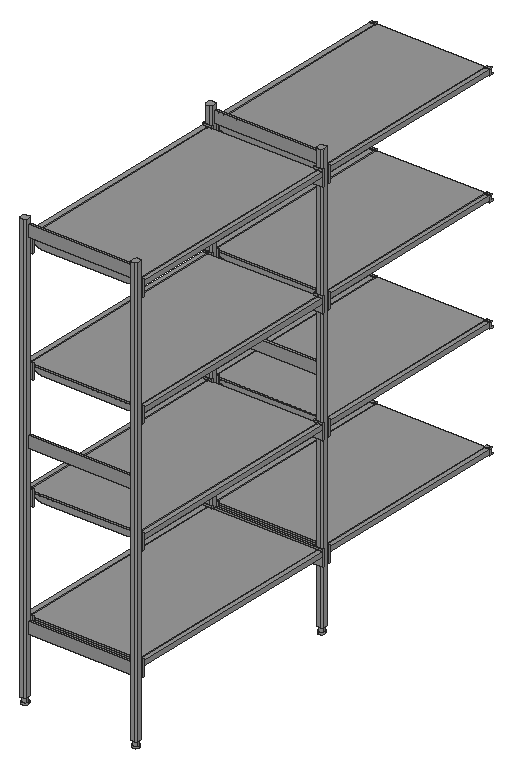
Revit family "QF_ELECTROLUXPROFESSIONAL_137081_CLS1752", category Attrezzature speciali, Revit 2020 (continued)
Definition of nested family "WT_Aggancio475"
  Dimensions and locks
    equal spacing: plane 3 "BACK", plane 6 "Center (Front/Back)", plane 4 "FRONT"
    plane 9 "FEET" to level = 25.0 mm
    plane 5 "TOP" to plane 9 "FEET" = 1700.0 mm
    plane 10 to plane 9 "FEET" = 250.0 mm
    plane 11 to plane 10 = 450.0 mm
    plane 12 to plane 11 = 450.0 mm
    plane 13 to plane 12 = 450.0 mm
    locked: plane 3 "BACK" to plane 15 "CYBack" at 17.5
    locked: plane 16 "CYFront" to plane 4 "FRONT" at 17.5
    aligned and locked: level to plane 1
    aligned and locked: Extrusion 1 sketch curve to Extrusion 1 sketch curve  (x3)
  Automatic sketch dimensions
    plane 16 "CYFront" to Extrusion 1 sketch curve = 1.478 mm  (x4)
    Extrusion 1 sketch curve to Extrusion 1 sketch curve = 2.0 mm
    plane 8 to Extrusion 1 sketch curve = 3.478 mm  (x4)
    Extrusion 1 sketch curve to plane 10 = 4.006 mm
    Extrusion 1 sketch curve to Extrusion 1 sketch curve = 34.0 mm  (x4)
    Extrusion 1 sketch curve to plane 11 = 4.006 mm
    Extrusion 1 sketch curve to plane 12 = 4.006 mm
    Extrusion 1 sketch curve to plane 13 = 4.006 mm
    Extrusion 1 sketch curve to plane 7 = 37.522 mm  (x4)
    Extrusion 1 sketch curve to plane 7 = 3.522 mm  (x4)
    plane 14 to Extrusion 1 sketch curve = 3.516 mm  (x4)
    plane 14 to Extrusion 1 sketch curve = 1.522 mm  (x4)
    plane 10 to Extrusion 1 sketch curve = 7.998 mm  (x2)
    Extrusion 1 sketch curve to Extrusion 1 sketch curve = 11.498 mm  (x4)
    Extrusion 1 sketch curve to Extrusion 1 sketch curve = 6.499 mm  (x8)
    plane 11 to Extrusion 1 sketch curve = 7.998 mm  (x2)
    plane 12 to Extrusion 1 sketch curve = 7.998 mm  (x2)
    plane 13 to Extrusion 1 sketch curve = 7.998 mm  (x2)
    plane 2 "LEFT" to Extrusion 2 sketch curve = 0.0 mm  (x4)
    plane 13 to Extrusion 2 sketch curve = 7.996 mm
    plane 11 to Extrusion 2 sketch curve = 7.996 mm
    Extrusion 2 sketch curve to Extrusion 2 sketch curve = 5.0 mm  (x4)
    plane 11 to Extrusion 2 sketch curve = 2.494 mm
    plane 10 to Extrusion 2 sketch curve = 28.996 mm
    Extrusion 2 sketch curve to Extrusion 2 sketch curve = 3.0 mm  (x4)
    plane 10 to Extrusion 2 sketch curve = 7.996 mm
    plane 10 to Extrusion 2 sketch curve = 2.494 mm
    Extrusion 2 sketch curve to Extrusion 2 sketch curve = 18.0 mm  (x3)
    plane 12 to Extrusion 2 sketch curve = 2.494 mm
    plane 12 to Extrusion 2 sketch curve = 7.996 mm
    plane 13 to Extrusion 2 sketch curve = 2.494 mm
    plane 2 "LEFT" to Extrusion 3 sketch curve = 0.0 mm  (x4)
    plane 13 to Extrusion 3 sketch curve = 7.996 mm
    plane 11 to Extrusion 3 sketch curve = 7.996 mm
    Extrusion 3 sketch curve to Extrusion 3 sketch curve = 5.0 mm  (x4)
    plane 11 to Extrusion 3 sketch curve = 2.494 mm
    plane 10 to Extrusion 3 sketch curve = 28.996 mm
    Extrusion 3 sketch curve to Extrusion 3 sketch curve = 3.0 mm  (x4)
    plane 10 to Extrusion 3 sketch curve = 7.996 mm
    plane 10 to Extrusion 3 sketch curve = 2.494 mm
    Extrusion 3 sketch curve to Extrusion 3 sketch curve = 18.0 mm  (x3)
    plane 12 to Extrusion 3 sketch curve = 2.494 mm
    plane 12 to Extrusion 3 sketch curve = 7.996 mm
    plane 13 to Extrusion 3 sketch curve = 2.494 mm
    plane 2 "LEFT" to curve 1 = 5.0 mm
    plane 2 "LEFT" to curve 7 = 5.0 mm
    curve 1 to plane 16 "CYFront" = 17.5 mm
    curve 3 to plane 8 = 12.522 mm
    plane 7 to curve 5 = 12.478 mm
    curve 7 to plane 14 = 17.5 mm
    curve 5 to curve 5 = 4.0 mm
    curve 1 to curve 4 = 4.0 mm
    Extrusion 2 sketch curve to Extrusion 2 sketch curve = 4.0 mm  (x4)
    Extrusion 2 sketch curve to Extrusion 2 sketch curve = 8.969 mm  (x4)
    Extrusion 3 sketch curve to Extrusion 3 sketch curve = 4.0 mm  (x4)
    Extrusion 3 sketch curve to Extrusion 3 sketch curve = 8.969 mm  (x4)
